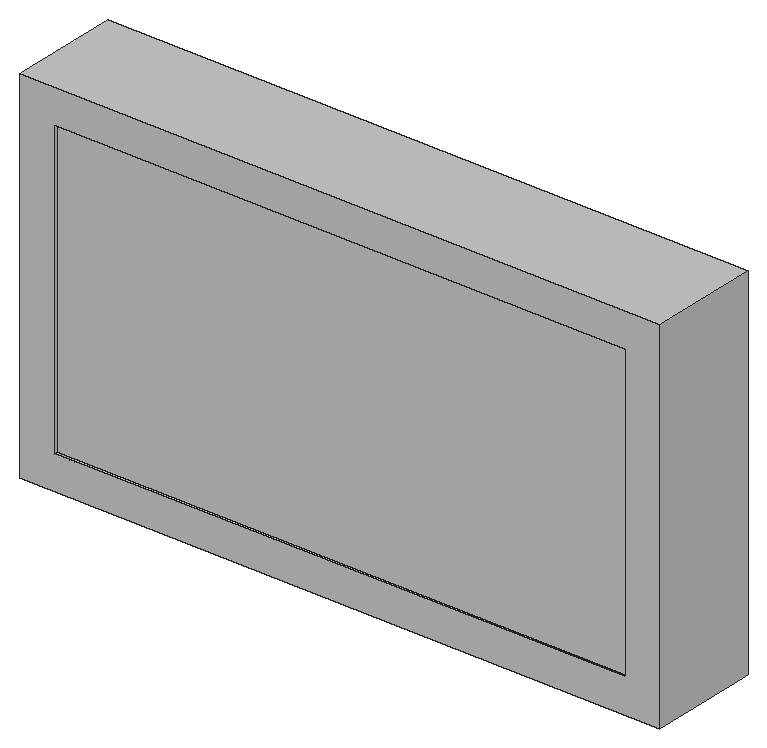
Revit family "T93062A Kubus65 Kombi LED syrefast stål Alog_Tak", category Lighting Fixtures, Revit 2016
Family settings
  Part Type = Normal
  Round Connector Dimension = Use Diameter
  OmniClass Number = 23.80.70.11.21
  OmniClass Title = Emergency Lighting
  Work Plane-Based = No
  Always vertical = Yes
  Cut with Voids When Loaded = No
  Light Source = Yes
  Shared = No
  Room Calculation Point = No
Parameters (values of type "LedeLys")
  Width = 63.5 mm  # constant formula
  Wattage Comments = "17 W"
  Wattage = 9.2903 W
  built-in parameter 1150110 = 1 (stored number, unit not read)
  Voltage = 230 V
  URL = ""
  Type Comments = "-UN"
  built-in parameter 1114217 = 1 (stored number, unit not read)
  Tilt Angle = 90.00°
  built-in parameter 1150109 = 1 (stored number, unit not read)
  built-in parameter 1150134 = 3
  Symbol Positive Direction [instance] = yes
  Symbol Offset Side [instance] = 0 mm
  Symbol Offset Out [instance] = 0 mm
  built-in parameter 1150113 = 1 (stored number, unit not read)
  Reference Line Out [instance] = 50 mm
  Photometric Web File = "20x42A12.ies"
  Number of Poles = 1
  NS8360 = "4432_WT2"
  Markeringslys normal = yes
  Markeringslys ikke normal = no
  MarkeringsLys Venstre = no
  MarkeringsLys Opp = no
  MarkeringsLys Ned = no
  MarkeringsLys Høyre = no
  MarkeringsLys 45 Opp mot venstre = no
  MarkeringsLys 45 Opp mot høyre = no
  MarkeringsLys 45 Ned mot venstre = no
  MarkeringsLys 45 Ned mot høyre = no
  MarkeringsLys = no
  built-in parameter 1150105 = 109.82 (stored number, unit not read)
  Lumens = 1380 lm
  built-in parameter 1150115 = 1 (stored number, unit not read)
  Load Classification [instance] = Other
  Model = ""
  Manufacturer = "Honeywell"
  built-in parameter 1150137 = (empty or 0)
  built-in parameter 1150139 = (empty or 0)
  Length 1 = Length - 40 mm  # 330 mm
  Length = 370 mm  # constant formula
  LedeLys = yes
  built-in parameter 1150112 = 1 (stored number, unit not read)
  built-in parameter 1150114 = 1 (stored number, unit not read)
  Lamp = "1"
  Keynote = "WT2"
  built-in parameter 1150132 = (empty or 0)
  built-in parameter 1150102 = (empty or 0)
  built-in parameter 1150107 = 3200 (stored number, unit not read)
  built-in parameter 1150138 = (empty or 0)
  built-in parameter 1150106 = 1.0982 (stored number, unit not read)
  Height 2 = 0 mm  # constant formula
  Height 1 = Height - 39 mm  # 170 mm
  Height = 209 mm  # constant formula
  Emit from Rectangle Width = Height  # 209 mm
  Emit from Rectangle Length = Length  # 370 mm
  Emit Shape Visible in Rendering = no
  built-in parameter 1150104 = 13.8 (stored number, unit not read)
  Dimming Lamp Color Temperature Shift = <None>
  Description = ""
  Color Filter = 16777215
  Body Material and Colour = Stainless Steel
  built-in parameter 1114218 = 1 (stored number, unit not read)
  built-in parameter 1150133 = 10 (stored number, unit not read)
  Assembly Code = "4432"
  Apparent Load = 17 VA
Types (9, lengths in mm): name | NS8360 | Markeringslys normal | Markeringslys ikke normal | MarkeringsLys Venstre | MarkeringsLys Opp | MarkeringsLys Ned | MarkeringsLys Høyre | MarkeringsLys 45 Opp mot venstre | MarkeringsLys 45 Opp mot høyre | MarkeringsLys 45 Ned mot venstre | MarkeringsLys 45 Ned mot høyre | MarkeringsLys | LedeLys | Assembly Code
  LedeLys | "4432_WT2" | yes | no | no | no | no | no | no | no | no | no | no | yes | "4432"
  MarkeringsLys (Ned) | "4431_WT2" | yes | no | no | no | yes | no | no | no | no | no | yes | no | "4431"
  MarkeringsLys (Opp) | "4431_WT2" | yes | no | no | yes | no | no | no | no | no | no | yes | no | "4431"
  MarkeringsLys (45 Ned mot høyre) | "4431_WT2" | yes | no | no | no | no | no | no | no | no | yes | yes | no | "4431"
  MarkeringsLys (45 Ned mot venstre) | "4431_WT2" | no | yes | no | no | no | no | no | no | yes | no | yes | no | "4431"
  MarkeringsLys (45 Opp mot høyre) | "4431_WT2" | yes | no | no | no | no | no | no | yes | no | no | yes | no | "4431"
  MarkeringsLys (45 Opp mot venstre) | "4431_WT2" | no | yes | no | no | no | no | yes | no | no | no | yes | no | "4431"
  MarkeringsLys (Høyre) | "4431_WT2" | yes | no | no | no | no | yes | no | no | no | no | yes | no | "4431"
  MarkeringsLys (Venstre) | "4431_WT2" | no | yes | yes | no | no | no | no | no | no | no | yes | no | "4431"
Reference planes
  plane 1 "Light Source Axis (F/B)": y = 119.961
  plane 2 "Top": z = 83
  plane 3 "Light Source Axis (L/R)": x = 0
  plane 4 "Level": z = 0
  plane 5: x = -185
  plane 6: x = 185
  plane 7: x = -165
  plane 8: x = 165
  plane 9: z = -104.5
  plane 10: z = 0
  plane 11: z = -209
  plane 12: z = -19.5
  plane 13: z = -189.5
  plane 14: y = 151.711
  plane 15: y = 88.211
  plane 16: y = 90.211
  plane 17: y = 149.711
Forms (mm)
  Extrusion 1, solid, material "Stainless Steel" <- "Body Material and Colour"
    sketch origin (0, 119.961, -31.25) x (1, 0, 0) y (0, 0, 1)
      loop
        line (-185, 31.25) -> (-185, -177.75) -> (185, -177.75) -> (185, 31.25) -> (-185, 31.25)
      loop
        line (-165, 11.75) -> (-165, -158.25) -> (165, -158.25) -> (165, 11.75) -> (-165, 11.75)
    from -31.75 to 31.75
  Extrusion 2, solid, material "Stainless Steel" <- "Body Material and Colour"
    sketch origin (0, 0, 0) x (0, 1, 0) y (0, 0, 1)
      loop
        line (149.711, 0) -> (90.211, 0) -> (90.211, -209) -> (149.711, -209) -> (149.711, 0)
    from -185 to 185
Cuts and joins
  joined: Extrusion 1, Extrusion 2
Lines and regions (mm)
  model lines, style "InvisibleLines"
    curve 1: line (0, 119.961, 0) -> (0, 169.961, 0)
  symbolic lines, style "InvisibleLines"
    curve 2: line (0, 119.961, 0) -> (0, 119.961, 50)
Dimensions and locks
  equal spacing: plane 5, plane 3 "Light Source Axis (L/R)", plane 6
  "Length": plane 5 to plane 6
  equal spacing: plane 7, plane 3 "Light Source Axis (L/R)", plane 8
  "Length 1": plane 7 to plane 8
  "Reference Line Out": plane 1 "Light Source Axis (F/B)" to curve 1
  "Height 2": plane 4 "Level" to plane 10
  "Emit from Rectangle Width": plane 10 to plane 11
  equal spacing: plane 10, plane 9, plane 11
  equal spacing: plane 12, plane 9, plane 13
  "Height 1": plane 12 to plane 13
  equal spacing: plane 14, plane 1 "Light Source Axis (F/B)", plane 15
  "Width": plane 14 to plane 15
  aligned and locked: plane 4 "Level" to level
  aligned and locked: plane 3 "Light Source Axis (L/R)" to nested 2
  aligned and locked: plane 1 "Light Source Axis (F/B)" to nested 2
  aligned and locked: Extrusion 1 sketch curve to plane 6
  aligned and locked: plane 5 to Extrusion 1 sketch curve
  aligned and locked: plane 7 to Extrusion 1 sketch curve
  aligned and locked: Extrusion 1 sketch curve to plane 8
  aligned and locked: plane 9 to imposter light
  aligned and locked: imposter light to plane 3 "Light Source Axis (L/R)"
  aligned and locked: plane 1 "Light Source Axis (F/B)" to curve 1
  aligned and locked: plane 3 "Light Source Axis (L/R)" to curve 1
  aligned and locked: Extrusion 1 to plane 11
  aligned and locked: plane 10 to Extrusion 1
  aligned and locked: nested 1 to plane 3 "Light Source Axis (L/R)"
  aligned and locked: Extrusion 1 to Extrusion 2 sketch curve
  aligned and locked: plane 3 "Light Source Axis (L/R)" to nested 4
  aligned and locked: nested 6 to plane 3 "Light Source Axis (L/R)"
  aligned and locked: nested 6 to plane 9
  aligned and locked: plane 3 "Light Source Axis (L/R)" to nested 5
  aligned and locked: plane 9 to nested 5
  aligned and locked: nested 8 to plane 3 "Light Source Axis (L/R)"
  aligned and locked: nested 8 to plane 9
  aligned and locked: plane 9 to nested 7
  aligned and locked: plane 3 "Light Source Axis (L/R)" to nested 7
  aligned and locked: nested 9 to plane 9
  aligned and locked: nested 9 to plane 3 "Light Source Axis (L/R)"
  aligned and locked: plane 9 to nested 4
  aligned and locked: plane 3 "Light Source Axis (L/R)" to nested 3
  aligned and locked: plane 9 to nested 3
  aligned and locked: plane 9 to nested 10
  aligned and locked: plane 3 "Light Source Axis (L/R)" to nested 10
  aligned and locked: nested 11 to plane 3 "Light Source Axis (L/R)"
  aligned and locked: nested 11 to plane 9
  aligned and locked: plane 9 to nested 12
  aligned and locked: nested 13 to plane 9
  aligned and locked: plane 3 "Light Source Axis (L/R)" to nested 12
  aligned and locked: nested 13 to plane 3 "Light Source Axis (L/R)"
  aligned and locked: nested 15 to plane 9
  aligned and locked: plane 9 to nested 14
  aligned and locked: plane 3 "Light Source Axis (L/R)" to nested 14
  aligned and locked: nested 15 to plane 3 "Light Source Axis (L/R)"
  aligned and locked: plane 3 "Light Source Axis (L/R)" to nested 16
  aligned and locked: nested 17 to plane 3 "Light Source Axis (L/R)"
  aligned and locked: nested 17 to plane 9
  aligned and locked: plane 9 to nested 16
  aligned and locked: plane 14 to cut or joined group of Extrusion 1, Extrusion 2
  aligned and locked: nested 16 to plane 15
  aligned and locked: nested 17 to plane 14
  aligned and locked: Extrusion 1 sketch curve to plane 12
  aligned and locked: Extrusion 1 sketch curve to plane 13
  aligned and locked: cut or joined group of Extrusion 1, Extrusion 2 to plane 15
  aligned and locked: cut or joined group of Extrusion 1, Extrusion 2 to plane 16
  aligned and locked: plane 17 to cut or joined group of Extrusion 1, Extrusion 2
  aligned and locked: imposter light to plane 14
  aligned and locked: nested 11 to plane 14
  aligned and locked: nested 10 to plane 15
  aligned and locked: nested 13 to plane 14
  aligned and locked: nested 12 to plane 15
  aligned and locked: nested 8 to plane 14
  aligned and locked: nested 5 to plane 15
  aligned and locked: nested 15 to plane 14
  aligned and locked: nested 14 to plane 15
  aligned and locked: nested 9 to plane 14
  aligned and locked: nested 7 to plane 15
  aligned and locked: nested 1 to plane 14
  aligned and locked: nested 3 to plane 15
  aligned and locked: nested 6 to plane 14
  aligned and locked: nested 4 to plane 15
  aligned and locked: nested 1 to plane 9
  aligned and locked: plane 3 "Light Source Axis (L/R)" to curve 2
  aligned and locked: plane 4 "Level" to curve 2
  aligned and locked: plane 3 "Light Source Axis (L/R)" to nested 18
  aligned and locked: plane 1 "Light Source Axis (F/B)" to nested 18
Automatic sketch dimensions
  Extrusion 1 sketch curve to plane 11 = 0 mm
  Extrusion 1 sketch curve to plane 10 = 0 mm
  Extrusion 2 sketch curve to plane 11 = 0 mm
  plane 1 "Light Source Axis (F/B)" to Extrusion 2 sketch curve = 29.75 mm
  Extrusion 2 sketch curve to plane 1 "Light Source Axis (F/B)" = 29.75 mm
  plane 2 "Top" to curve 2 = 33 mm
Nested families
  nested 1: "Formula 65_ned" at (0, 149.711, -104.5), type "Formula 65"
  nested 2: "LedelysS" at (0, 119.961, 0), visible <- "LedeLys", type "Type 1"
  nested 3: "Formula 65_ned" at (0, 90.211, -104.5), visible <- "MarkeringsLys Ned", type "Formula 65"
  nested 4: "Formula 65_opp" at (0, 90.211, -104.5), visible <- "MarkeringsLys Opp", type "Formula 65"
  nested 5: "Formula 65_skrått 45 grader ned mot venstre" at (0, 90.211, -104.5), type "Formula 65"
  nested 6: "Formula 65_opp" at (0, 149.711, -104.5), type "Formula 65"
  nested 7: "Formula 65_skrått 45 grader opp mot venstre" at (0, 90.211, -104.5), type "Formula 65"
  nested 8: "Formula 65_skrått 45 grader ned mot venstre" at (0, 149.711, -104.5), type "Formula 65"
  nested 9: "Formula 65_skrått 45 grader opp mot venstre" at (0, 149.711, -104.5), type "Formula 65"
  nested 10: "Formula 65_høyre" at (0, 90.211, -104.5), type "Formula 65"
  nested 11: "Formula 65_høyre" at (0, 149.711, -104.5), type "Formula 65"
  nested 12: "Formula 65_skrått 45 grader ned mot høyre" at (0, 90.211, -104.5), type "Formula 65"
  nested 13: "Formula 65_skrått 45 grader ned mot høyre" at (0, 149.711, -104.5), type "Formula 65"
  nested 14: "Formula 65_skrått 45 grader opp mot høyre" at (0, 90.211, -104.5), type "Formula 65"
  nested 15: "Formula 65_skrått 45 grader opp mot høyre" at (0, 149.711, -104.5), type "Formula 65"
  nested 16: "Formula 65_venstre" at (0, 90.211, -104.5), type "Formula 65"
  nested 17: "Formula 65_venstre" at (0, 149.711, -104.5), type "Formula 65"
  nested 18: "MarkeringslysDobbelS" at (0, 119.961, 0), visible <- "MarkeringsLys", type "Type 1"
Connectors
  electrical at (0, 119.961, 0), driven by "Number of Poles", driven by "Load Classification", driven by "Voltage", driven by "Apparent Load"
    settings: index 1, voltage 230 V, apparent load 0 VA, apparent load phase1 17 VA, apparent load phase2 0 VA, apparent load phase3 0 VA, power factor 1, load classification "Other", number of poles 1, system type 31, power factor state 1, is connector primary yes, connector utility no, sub classification motor no, connector description ""
Definition of nested family "Formula 65_ned"
  Parameters (values of type "Formula 65")
    Ned = no
    L = 205 mm
    H = 135 mm
  Reference planes
    plane 1 "Center (Front/Back)": y = 0
    plane 2: z = 0
    plane 3 "Center (Left/Right)": x = 0
    plane 4: y = -2
  Forms (mm)
    Extrusion 1, solid, visible <- "Ned"
      sketch origin (453.48, 0, -265.275) x (1, 0, 0) y (0, 0, 1)
        loop
          line (-288.48, 350.275) -> (-618.48, 350.275) -> (-618.48, 180.275) -> (-288.48, 180.275) -> (-288.48, 350.275)
        loop
          line (-505.328, 240.087) -> (-505.328, 256.324) -> (-524.271, 237.38) -> (-524.271, 317.525) -> (-540.508, 317.525) -> (-540.508, 237.38) -> (-559.451, 256.324) -> (-559.451, 240.087) -> (-532.389, 213.025) -> (-505.328, 240.087)
        loop
          circle (-416.951, 312.164) r 8.743
        loop
          line (-409.79, 296.785) -> (-414.349, 292.225) -> (-409.237, 283.371) -> (-423.754, 271.19)
          arc (-423.754, 271.19) -> (-424.61, 269.546) -> (-424.052, 267.778) r 2.422
          line (-424.052, 267.778) -> (-421.977, 265.304)
          arc (-421.977, 265.304) -> (-420.333, 264.448) -> (-418.565, 265.006) r 2.422
          line (-418.565, 265.006) -> (-405.139, 276.272) -> (-398.991, 265.623) -> (-413.093, 253.79) -> (-413.093, 215.253)
          arc (-413.093, 215.253) -> (-411.911, 212.399) -> (-409.056, 211.217) r 4.036
          line (-409.056, 211.217) -> (-405.02, 211.217)
          arc (-405.02, 211.217) -> (-402.166, 212.399) -> (-400.984, 215.253) r 4.036
          line (-400.984, 215.253) -> (-400.984, 248.144) -> (-392.843, 254.975) -> (-386.394, 243.805) -> (-344.475, 243.805)
          arc (-344.475, 243.805) -> (-341.621, 244.987) -> (-340.439, 247.841) r 4.036
          line (-340.439, 247.841) -> (-340.439, 251.878)
          arc (-340.439, 251.878) -> (-341.621, 254.732) -> (-344.475, 255.914) r 4.036
          line (-344.475, 255.914) -> (-365.421, 255.914) -> (-385.749, 291.125) -> (-364.745, 287.035) -> (-357.179, 273.93)
          arc (-357.179, 273.93) -> (-355.647, 272.786) -> (-353.763, 273.11) r 2.422
          line (-353.763, 273.11) -> (-350.966, 274.927)
          arc (-350.966, 274.927) -> (-349.916, 276.454) -> (-350.254, 278.277) r 2.422
          line (-350.254, 278.277) -> (-360.781, 294.487) -> (-402.782, 302.665) -> (-409.79, 296.785)
      from 0 to 2
  Dimensions and locks
    aligned and locked: level to plane 2
Definition of nested family "LedelysS"
  Parameters
    CQ Symbol Positive Direction = yes
    CQ Symbol Negative Direction = not(CQ Symbol Positive Direction)  # no
    CQ Symbol Offset Side = 0 mm
    CQ Symbol Offset Out = 0 mm
  Reference planes
    plane 1: y = 0
    plane 2: x = 0
  Dimensions and locks
    "CQ Symbol Offset Out": plane 1 to nested 1
    "CQ Symbol Offset Out": plane 1 to nested 2
    "CQ Symbol Offset Side": plane 2 to nested 2
    "CQ Symbol Offset Side": nested 1 to plane 2
  Nested families
    nested 1: "LedelysSub" at (0, 0, 0), visible <- "CQ Symbol Negative Direction", type "Type 1"
    nested 2: "LedelysSub" at (0, 0, 0), visible <- "CQ Symbol Positive Direction", type "Type 1"
  Definition of nested family "LedelysSub"
    Reference planes
      plane 1: y = 0
      plane 2: x = 0
    Lines and regions (mm)
      detail lines
        curve 1: line (-4, -2, 0) -> (4, -2, 0)
        curve 2: line (4, -2, 0) -> (4, 2, 0)
        curve 3: line (4, 2, 0) -> (-4, 2, 0)
        curve 4: line (-4, 2, 0) -> (-4, -2, 0)
        curve 5: line (-3.097, -1.25, 0) -> (-0.597, 1.25, 0)
        curve 6: line (-3.097, 1.25, 0) -> (-0.597, -1.25, 0)
        curve 7: circle (-1.847, 0, 0) r 1.2 normal (0, 0, 1)
    Text (mm)
      text "LL" at (2.179, 1.025, 0)
Definition of nested family "Formula 65_opp"
  Parameters (values of type "Formula 65")
    Up = no
    L = 205 mm
    H = 135 mm
  Reference planes
    plane 1 "Center (Front/Back)": y = 0
    plane 2: z = 0
    plane 3 "Center (Left/Right)": x = 0
    plane 4: y = -2
  Forms (mm)
    Extrusion 1, solid, visible <- "Up"
      sketch origin (453.48, 0, -265.275) x (1, 0, 0) y (0, 0, 1)
        loop
          line (-288.48, 350.275) -> (-618.48, 350.275) -> (-618.48, 180.275) -> (-288.48, 180.275) -> (-288.48, 350.275)
        loop
          circle (-406.951, 312.164) r 8.743
        loop
          line (-399.79, 296.785) -> (-404.349, 292.225) -> (-399.237, 283.371) -> (-413.754, 271.19)
          arc (-413.754, 271.19) -> (-414.61, 269.546) -> (-414.052, 267.778) r 2.422
          line (-414.052, 267.778) -> (-411.977, 265.304)
          arc (-411.977, 265.304) -> (-410.333, 264.448) -> (-408.565, 265.006) r 2.422
          line (-408.565, 265.006) -> (-395.139, 276.272) -> (-388.991, 265.623) -> (-403.093, 253.79) -> (-403.093, 215.253)
          arc (-403.093, 215.253) -> (-401.911, 212.399) -> (-399.056, 211.217) r 4.036
          line (-399.056, 211.217) -> (-395.02, 211.217)
          arc (-395.02, 211.217) -> (-392.166, 212.399) -> (-390.984, 215.253) r 4.036
          line (-390.984, 215.253) -> (-390.984, 248.144) -> (-382.843, 254.975) -> (-376.394, 243.805) -> (-334.475, 243.805)
          arc (-334.475, 243.805) -> (-331.621, 244.987) -> (-330.439, 247.841) r 4.036
          line (-330.439, 247.841) -> (-330.439, 251.878)
          arc (-330.439, 251.878) -> (-331.621, 254.732) -> (-334.475, 255.914) r 4.036
          line (-334.475, 255.914) -> (-355.421, 255.914) -> (-375.749, 291.125) -> (-354.745, 287.035) -> (-347.179, 273.93)
          arc (-347.179, 273.93) -> (-345.647, 272.786) -> (-343.763, 273.11) r 2.422
          line (-343.763, 273.11) -> (-340.966, 274.927)
          arc (-340.966, 274.927) -> (-339.916, 276.454) -> (-340.254, 278.277) r 2.422
          line (-340.254, 278.277) -> (-350.781, 294.487) -> (-392.782, 302.665) -> (-399.79, 296.785)
        loop
          line (-505.328, 290.463) -> (-532.389, 317.525) -> (-559.451, 290.463) -> (-559.451, 274.226) -> (-540.508, 293.169) -> (-540.508, 213.025) -> (-524.271, 213.025) -> (-524.271, 293.169) -> (-505.328, 274.226) -> (-505.328, 290.463)
      from 0 to 2
  Dimensions and locks
    aligned and locked: level to plane 2
Definition of nested family "Formula 65_skrått 45 grader ned mot venstre"
  Parameters (values of type "Formula 65")
    L = 205 mm
    H = 135 mm
    45 ned mot venstre = no
  Reference planes
    plane 1 "Center (Front/Back)": y = 0
    plane 2: z = 0
    plane 3 "Center (Left/Right)": x = 0
    plane 4: y = -2
  Forms (mm)
    Extrusion 1, solid, visible <- "45 ned mot venstre"
      sketch origin (453.48, 0, -265.275) x (1, 0, 0) y (0, 0, 1)
        loop
          line (-288.48, 350.275) -> (-618.48, 350.275) -> (-618.48, 180.275) -> (-288.48, 180.275) -> (-288.48, 350.275)
        loop
          circle (-416.951, 312.164) r 8.743
        loop
          line (-409.79, 296.785) -> (-414.349, 292.225) -> (-409.237, 283.371) -> (-423.754, 271.19)
          arc (-423.754, 271.19) -> (-424.61, 269.546) -> (-424.052, 267.778) r 2.422
          line (-424.052, 267.778) -> (-421.977, 265.304)
          arc (-421.977, 265.304) -> (-420.333, 264.448) -> (-418.565, 265.006) r 2.422
          line (-418.565, 265.006) -> (-405.139, 276.272) -> (-398.991, 265.623) -> (-413.093, 253.79) -> (-413.093, 215.253)
          arc (-413.093, 215.253) -> (-411.911, 212.399) -> (-409.056, 211.217) r 4.036
          line (-409.056, 211.217) -> (-405.02, 211.217)
          arc (-405.02, 211.217) -> (-402.166, 212.399) -> (-400.984, 215.253) r 4.036
          line (-400.984, 215.253) -> (-400.984, 248.144) -> (-392.843, 254.975) -> (-386.394, 243.805) -> (-344.475, 243.805)
          arc (-344.475, 243.805) -> (-341.621, 244.987) -> (-340.439, 247.841) r 4.036
          line (-340.439, 247.841) -> (-340.439, 251.878)
          arc (-340.439, 251.878) -> (-341.621, 254.732) -> (-344.475, 255.914) r 4.036
          line (-344.475, 255.914) -> (-365.421, 255.914) -> (-385.749, 291.125) -> (-364.745, 287.035) -> (-357.179, 273.93)
          arc (-357.179, 273.93) -> (-355.647, 272.786) -> (-353.763, 273.11) r 2.422
          line (-353.763, 273.11) -> (-350.966, 274.927)
          arc (-350.966, 274.927) -> (-349.916, 276.454) -> (-350.254, 278.277) r 2.422
          line (-350.254, 278.277) -> (-360.781, 294.487) -> (-402.782, 302.665) -> (-409.79, 296.785)
        loop
          line (-588.076, 266.6) -> (-588.076, 228.328) -> (-549.805, 228.328) -> (-538.323, 239.81) -> (-565.113, 239.81) -> (-508.443, 296.48) -> (-519.924, 307.962) -> (-576.595, 251.291) -> (-576.595, 278.081) -> (-588.076, 266.6)
      from 0 to 2
  Dimensions and locks
    aligned and locked: level to plane 2
Definition of nested family "Formula 65_skrått 45 grader opp mot venstre"
  Parameters (values of type "Formula 65")
    L = 205 mm
    H = 135 mm
    45 opp mot venstre = no
  Reference planes
    plane 1 "Center (Front/Back)": y = 0
    plane 2: z = 0
    plane 3 "Center (Left/Right)": x = 0
    plane 4: y = -2
  Forms (mm)
    Extrusion 1, solid, visible <- "45 opp mot venstre"
      sketch origin (453.48, 0, -265.275) x (1, 0, 0) y (0, 0, 1)
        loop
          line (-288.48, 350.275) -> (-618.48, 350.275) -> (-618.48, 180.275) -> (-288.48, 180.275) -> (-288.48, 350.275)
        loop
          circle (-420.272, 307.901) r 7.948
        loop
          line (-413.762, 293.92) -> (-417.907, 289.775) -> (-413.259, 281.726) -> (-426.456, 270.652)
          arc (-426.456, 270.652) -> (-427.234, 269.157) -> (-426.728, 267.55) r 2.202
          line (-426.728, 267.55) -> (-424.841, 265.302)
          arc (-424.841, 265.302) -> (-423.346, 264.524) -> (-421.739, 265.03) r 2.202
          line (-421.739, 265.03) -> (-409.533, 275.272) -> (-403.944, 265.592) -> (-416.764, 254.834) -> (-416.764, 219.801)
          arc (-416.764, 219.801) -> (-415.69, 217.206) -> (-413.095, 216.131) r 3.669
          line (-413.095, 216.131) -> (-409.425, 216.131)
          arc (-409.425, 216.131) -> (-406.831, 217.206) -> (-405.756, 219.801) r 3.669
          line (-405.756, 219.801) -> (-405.756, 249.701) -> (-398.355, 255.911) -> (-392.493, 245.757) -> (-354.384, 245.757)
          arc (-354.384, 245.757) -> (-351.79, 246.832) -> (-350.715, 249.426) r 3.669
          line (-350.715, 249.426) -> (-350.715, 253.096)
          arc (-350.715, 253.096) -> (-351.79, 255.69) -> (-354.384, 256.765) r 3.669
          line (-354.384, 256.765) -> (-373.426, 256.765) -> (-391.907, 288.775) -> (-372.812, 285.056) -> (-365.934, 273.144)
          arc (-365.934, 273.144) -> (-364.541, 272.104) -> (-362.828, 272.398) r 2.202
          line (-362.828, 272.398) -> (-360.285, 274.049)
          arc (-360.285, 274.049) -> (-359.331, 275.438) -> (-359.638, 277.095) r 2.202
          line (-359.638, 277.095) -> (-369.208, 291.831) -> (-407.391, 299.266) -> (-413.762, 293.92)
        loop
          line (-575.84, 264.07) -> (-565.402, 253.633) -> (-565.402, 277.987) -> (-513.883, 226.468) -> (-503.446, 236.906) -> (-554.965, 288.425) -> (-530.61, 288.425) -> (-541.048, 298.862) -> (-575.84, 298.862) -> (-575.84, 264.07)
      from 0 to 2
  Dimensions and locks
    aligned and locked: level to plane 2
Definition of nested family "Formula 65_høyre"
  Parameters (values of type "Formula 65")
    L = 205 mm
    Høyre = no
    H = 135 mm
  Reference planes
    plane 1 "Center (Front/Back)": y = 0
    plane 2: z = 0
    plane 3 "Center (Left/Right)": x = 0
    plane 4: y = -2
  Forms (mm)
    Extrusion 1, solid, visible <- "Høyre"
      sketch origin (453.48, 0, -265.275) x (1, 0, 0) y (0, 0, 1)
        loop
          line (-288.48, 350.275) -> (-618.48, 350.275) -> (-618.48, 180.275) -> (-288.48, 180.275) -> (-288.48, 350.275)
        loop
          circle (-490.008, 312.164) r 8.743
        loop
          line (-497.169, 296.785) -> (-504.177, 302.665) -> (-546.178, 294.487) -> (-556.705, 278.277)
          arc (-556.705, 278.277) -> (-557.043, 276.454) -> (-555.993, 274.927) r 2.422
          line (-555.993, 274.927) -> (-553.196, 273.11)
          arc (-553.196, 273.11) -> (-551.312, 272.786) -> (-549.78, 273.93) r 2.422
          line (-549.78, 273.93) -> (-542.214, 287.035) -> (-521.21, 291.125) -> (-541.539, 255.914) -> (-562.484, 255.914)
          arc (-562.484, 255.914) -> (-565.338, 254.732) -> (-566.52, 251.878) r 4.036
          line (-566.52, 251.878) -> (-566.52, 247.841)
          arc (-566.52, 247.841) -> (-565.338, 244.987) -> (-562.484, 243.805) r 4.036
          line (-562.484, 243.805) -> (-520.565, 243.805) -> (-514.116, 254.975) -> (-505.975, 248.144) -> (-505.975, 215.253)
          arc (-505.975, 215.253) -> (-504.793, 212.399) -> (-501.939, 211.217) r 4.036
          line (-501.939, 211.217) -> (-497.903, 211.217)
          arc (-497.903, 211.217) -> (-495.049, 212.399) -> (-493.866, 215.253) r 4.036
          line (-493.866, 215.253) -> (-493.866, 253.79) -> (-507.968, 265.623) -> (-501.82, 276.272) -> (-488.394, 265.006)
          arc (-488.394, 265.006) -> (-486.627, 264.448) -> (-484.982, 265.304) r 2.422
          line (-484.982, 265.304) -> (-482.907, 267.778)
          arc (-482.907, 267.778) -> (-482.349, 269.546) -> (-483.205, 271.19) r 2.422
          line (-483.205, 271.19) -> (-497.722, 283.371) -> (-492.61, 292.225) -> (-497.169, 296.785)
        loop
          line (-343.016, 292.337) -> (-359.253, 292.337) -> (-340.31, 273.393) -> (-420.455, 273.393) -> (-420.455, 257.156) -> (-340.31, 257.156) -> (-359.253, 238.213) -> (-343.016, 238.213) -> (-315.955, 265.275) -> (-343.016, 292.337)
      from 0 to 2
  Dimensions and locks
    aligned and locked: level to plane 2
Definition of nested family "Formula 65_skrått 45 grader ned mot høyre"
  Parameters (values of type "Formula 65")
    L = 205 mm
    H = 135 mm
    45 ned mot høyre = no
  Reference planes
    plane 1 "Center (Front/Back)": y = 0
    plane 2: z = 0
    plane 3 "Center (Left/Right)": x = 0
    plane 4: y = -2
  Forms (mm)
    Extrusion 1, solid, visible <- "45 ned mot høyre"
      sketch origin (453.48, 0, -265.275) x (1, 0, 0) y (0, 0, 1)
        loop
          line (-288.48, 350.275) -> (-618.48, 350.275) -> (-618.48, 180.275) -> (-288.48, 180.275) -> (-288.48, 350.275)
        loop
          circle (-490.008, 312.164) r 8.743
        loop
          line (-497.169, 296.785) -> (-504.177, 302.665) -> (-546.178, 294.487) -> (-556.705, 278.277)
          arc (-556.705, 278.277) -> (-557.043, 276.454) -> (-555.993, 274.927) r 2.422
          line (-555.993, 274.927) -> (-553.196, 273.11)
          arc (-553.196, 273.11) -> (-551.312, 272.786) -> (-549.78, 273.93) r 2.422
          line (-549.78, 273.93) -> (-542.214, 287.035) -> (-521.21, 291.125) -> (-541.539, 255.914) -> (-562.484, 255.914)
          arc (-562.484, 255.914) -> (-565.338, 254.732) -> (-566.52, 251.878) r 4.036
          line (-566.52, 251.878) -> (-566.52, 247.841)
          arc (-566.52, 247.841) -> (-565.338, 244.987) -> (-562.484, 243.805) r 4.036
          line (-562.484, 243.805) -> (-520.565, 243.805) -> (-514.116, 254.975) -> (-505.975, 248.144) -> (-505.975, 215.253)
          arc (-505.975, 215.253) -> (-504.793, 212.399) -> (-501.939, 211.217) r 4.036
          line (-501.939, 211.217) -> (-497.903, 211.217)
          arc (-497.903, 211.217) -> (-495.049, 212.399) -> (-493.866, 215.253) r 4.036
          line (-493.866, 215.253) -> (-493.866, 253.79) -> (-507.968, 265.623) -> (-501.82, 276.272) -> (-488.394, 265.006)
          arc (-488.394, 265.006) -> (-486.627, 264.448) -> (-484.982, 265.304) r 2.422
          line (-484.982, 265.304) -> (-482.907, 267.778)
          arc (-482.907, 267.778) -> (-482.349, 269.546) -> (-483.205, 271.19) r 2.422
          line (-483.205, 271.19) -> (-497.722, 283.371) -> (-492.61, 292.225) -> (-497.169, 296.785)
        loop
          line (-324.383, 266.6) -> (-335.865, 278.081) -> (-335.865, 251.291) -> (-392.535, 307.962) -> (-404.017, 296.48) -> (-347.346, 239.81) -> (-374.136, 239.81) -> (-362.654, 228.328) -> (-324.383, 228.328) -> (-324.383, 266.6)
      from 0 to 2
  Dimensions and locks
    aligned and locked: level to plane 2
Definition of nested family "Formula 65_skrått 45 grader opp mot høyre"
  Parameters (values of type "Formula 65")
    L = 205 mm
    H = 135 mm
    45 grader opp mot høyre = no
  Reference planes
    plane 1 "Center (Front/Back)": y = 0
    plane 2: z = 0
    plane 3 "Center (Left/Right)": x = 0
    plane 4: y = -2
  Forms (mm)
    Extrusion 1, solid, visible <- "45 grader opp mot høyre"
      sketch origin (453.48, 0, -265.275) x (1, 0, 0) y (0, 0, 1)
        loop
          line (-288.48, 350.275) -> (-618.48, 350.275) -> (-618.48, 180.275) -> (-288.48, 180.275) -> (-288.48, 350.275)
        loop
          circle (-505.008, 312.164) r 8.743
        loop
          line (-512.169, 296.785) -> (-519.177, 302.665) -> (-561.178, 294.487) -> (-571.705, 278.277)
          arc (-571.705, 278.277) -> (-572.043, 276.454) -> (-570.993, 274.927) r 2.422
          line (-570.993, 274.927) -> (-568.196, 273.11)
          arc (-568.196, 273.11) -> (-566.312, 272.786) -> (-564.78, 273.93) r 2.422
          line (-564.78, 273.93) -> (-557.214, 287.035) -> (-536.21, 291.125) -> (-556.539, 255.914) -> (-577.484, 255.914)
          arc (-577.484, 255.914) -> (-580.338, 254.732) -> (-581.52, 251.878) r 4.036
          line (-581.52, 251.878) -> (-581.52, 247.841)
          arc (-581.52, 247.841) -> (-580.338, 244.987) -> (-577.484, 243.805) r 4.036
          line (-577.484, 243.805) -> (-535.565, 243.805) -> (-529.116, 254.975) -> (-520.975, 248.144) -> (-520.975, 215.253)
          arc (-520.975, 215.253) -> (-519.793, 212.399) -> (-516.939, 211.217) r 4.036
          line (-516.939, 211.217) -> (-512.903, 211.217)
          arc (-512.903, 211.217) -> (-510.049, 212.399) -> (-508.866, 215.253) r 4.036
          line (-508.866, 215.253) -> (-508.866, 253.79) -> (-522.968, 265.623) -> (-516.82, 276.272) -> (-503.394, 265.006)
          arc (-503.394, 265.006) -> (-501.627, 264.448) -> (-499.982, 265.304) r 2.422
          line (-499.982, 265.304) -> (-497.907, 267.778)
          arc (-497.907, 267.778) -> (-497.349, 269.546) -> (-498.205, 271.19) r 2.422
          line (-498.205, 271.19) -> (-512.722, 283.371) -> (-507.61, 292.225) -> (-512.169, 296.785)
        loop
          line (-324.383, 263.95) -> (-324.383, 302.221) -> (-362.654, 302.221) -> (-374.136, 290.74) -> (-347.346, 290.74) -> (-404.017, 234.069) -> (-392.535, 222.588) -> (-335.865, 279.258) -> (-335.865, 252.469) -> (-324.383, 263.95)
      from 0 to 2
  Dimensions and locks
    aligned and locked: level to plane 2
Definition of nested family "Formula 65_venstre"
  Parameters (values of type "Formula 65")
    Venstre = yes
    L = 205 mm
    H = 135 mm
  Reference planes
    plane 1 "Center (Front/Back)": y = 0
    plane 2: z = 0
    plane 3 "Center (Left/Right)": x = 0
    plane 4: y = -2
  Forms (mm)
    Extrusion 1, solid, visible <- "Venstre"
      sketch origin (453.48, 0, -265.275) x (1, 0, 0) y (0, 0, 1)
        loop
          line (-288.48, 350.275) -> (-618.48, 350.275) -> (-618.48, 180.275) -> (-288.48, 180.275) -> (-288.48, 350.275)
        loop
          circle (-401.951, 312.164) r 8.743
        loop
          line (-394.79, 296.785) -> (-399.349, 292.225) -> (-394.237, 283.371) -> (-408.754, 271.19)
          arc (-408.754, 271.19) -> (-409.61, 269.546) -> (-409.052, 267.778) r 2.422
          line (-409.052, 267.778) -> (-406.977, 265.304)
          arc (-406.977, 265.304) -> (-405.333, 264.448) -> (-403.565, 265.006) r 2.422
          line (-403.565, 265.006) -> (-390.139, 276.272) -> (-383.991, 265.623) -> (-398.093, 253.79) -> (-398.093, 215.253)
          arc (-398.093, 215.253) -> (-396.911, 212.399) -> (-394.056, 211.217) r 4.036
          line (-394.056, 211.217) -> (-390.02, 211.217)
          arc (-390.02, 211.217) -> (-387.166, 212.399) -> (-385.984, 215.253) r 4.036
          line (-385.984, 215.253) -> (-385.984, 248.144) -> (-377.843, 254.975) -> (-371.394, 243.805) -> (-329.475, 243.805)
          arc (-329.475, 243.805) -> (-326.621, 244.987) -> (-325.439, 247.841) r 4.036
          line (-325.439, 247.841) -> (-325.439, 251.878)
          arc (-325.439, 251.878) -> (-326.621, 254.732) -> (-329.475, 255.914) r 4.036
          line (-329.475, 255.914) -> (-350.421, 255.914) -> (-370.749, 291.125) -> (-349.745, 287.035) -> (-342.179, 273.93)
          arc (-342.179, 273.93) -> (-340.647, 272.786) -> (-338.763, 273.11) r 2.422
          line (-338.763, 273.11) -> (-335.966, 274.927)
          arc (-335.966, 274.927) -> (-334.916, 276.454) -> (-335.254, 278.277) r 2.422
          line (-335.254, 278.277) -> (-345.781, 294.487) -> (-387.782, 302.665) -> (-394.79, 296.785)
        loop
          line (-563.943, 292.337) -> (-591.005, 265.275) -> (-563.943, 238.213) -> (-547.706, 238.213) -> (-566.649, 257.156) -> (-486.505, 257.156) -> (-486.505, 273.393) -> (-566.649, 273.393) -> (-547.706, 292.337) -> (-563.943, 292.337)
      from 0 to 2
  Dimensions and locks
    aligned and locked: level to plane 2
Definition of nested family "MarkeringslysDobbelS"
  Parameters (values of type "Type 1")
    Venstre opp 45 = no
    Venstre ned 45 = no
    Venstre = no
    Opp = yes
    Normal = yes
    Ned = no
    Ikke normal = no
    Høyre opp 45 = no
    Høyre ned 45 = no
    Høyre = no
    CQ Symbol Positive Direction = yes
    CQ Symbol Negative Direction = not(CQ Symbol Positive Direction)  # no
    CQ Symbol Offset Side = 0 mm
    CQ Symbol Offset Out = 0 mm
  Reference planes
    plane 1: y = 0
    plane 2: x = 0
  Dimensions and locks
    "CQ Symbol Offset Out": plane 1 to nested 1
    "CQ Symbol Offset Out": plane 1 to nested 2
    "CQ Symbol Offset Side": plane 2 to nested 2
    "CQ Symbol Offset Side": nested 1 to plane 2
  Nested families
    nested 1: "Markeringslys dobbel" at (0, 0, 0), visible <- "CQ Symbol Negative Direction", type "Type 1"
    nested 2: "Markeringslys dobbel" at (0, 0, 0), visible <- "CQ Symbol Positive Direction", type "Type 1"
  Definition of nested family "Markeringslys dobbel"
    Parameters (values of type "Type 1")
      Venstre opp 45 = no
      Venstre ned 45 = no
      Venstre = no
      Opp = yes
      Normal = yes
      Ned = no
      Ikke normal = no
      Høyre opp 45 = no
      Høyre ned 45 = no
      Høyre = no
    Reference planes
      plane 1: y = 0
      plane 2: x = 0
    Lines and regions (mm)
      detail lines
        curve 1: line (4, -4, 0) -> (-4, -4, 0)
        curve 2: line (-4, -4, 0) -> (-4, 0, 0)
        curve 3: line (-4, 0, 0) -> (4, 0, 0)
        curve 4: line (4, 0, 0) -> (4, -4, 0)
        curve 45: line (-4, 4, 0) -> (4, 4, 0)
        curve 46: line (4, 4, 0) -> (4, 0, 0)
        curve 47: line (4, 0, 0) -> (-4, 0, 0)
        curve 48: line (-4, 0, 0) -> (-4, 4, 0)
        curve 58: circle (1.212, 0.614, 0) r 0.3 normal (0, 0, -1)
      detail lines, visible <- "Ned"
        curve 5: line (2.346, -0.5, 0) -> (1.646, -0.5, 0)
        curve 6: line (2.346, -0.5, 0) -> (2.346, -2.584, 0)
        curve 7: line (1.646, -0.5, 0) -> (1.646, -2.584, 0)
        curve 8: line (1.996, -3.5, 0) -> (2.996, -2.5, 0)
        curve 9: line (2.996, -2.5, 0) -> (2.996, -1.934, 0)
        curve 10: line (2.996, -1.934, 0) -> (2.346, -2.584, 0)
        curve 11: line (1.996, -3.5, 0) -> (0.996, -2.5, 0)
        curve 12: line (0.996, -2.5, 0) -> (0.996, -1.934, 0)
        curve 13: line (0.996, -1.934, 0) -> (1.646, -2.584, 0)
        curve 49: line (-2.346, 0.5, 0) -> (-1.646, 0.5, 0)
        curve 50: line (-2.346, 0.5, 0) -> (-2.346, 2.584, 0)
        curve 51: line (-1.646, 0.5, 0) -> (-1.646, 2.584, 0)
        curve 52: line (-1.996, 3.5, 0) -> (-2.996, 2.5, 0)
        curve 53: line (-2.996, 2.5, 0) -> (-2.996, 1.934, 0)
        curve 54: line (-2.996, 1.934, 0) -> (-2.346, 2.584, 0)
        curve 55: line (-1.996, 3.5, 0) -> (-0.996, 2.5, 0)
        curve 56: line (-0.996, 2.5, 0) -> (-0.996, 1.934, 0)
        curve 57: line (-0.996, 1.934, 0) -> (-1.646, 2.584, 0)
      detail lines, visible <- "Normal"
        curve 14: circle (-1.212, -0.614, 0) r 0.3 normal (0, 0, -1)
        curve 15: line (-0.986, -3.7, 0) -> (-1.395, -3.7, 0)
        curve 16: line (-0.986, -3.7, 0) -> (-1.823, -2.308, 0)
        curve 17: line (-1.823, -2.308, 0) -> (-1.461, -1.495, 0)
        curve 18: line (-1.069, -2.147, 0) -> (-1.461, -1.495, 0)
        curve 19: line (-1.069, -2.147, 0) -> (-0.487, -2.147, 0)
        curve 20: line (-0.487, -2.147, 0) -> (-0.487, -1.847, 0)
        curve 21: line (-0.487, -1.847, 0) -> (-0.899, -1.847, 0)
        curve 22: line (-0.899, -1.847, 0) -> (-1.307, -1.169, 0)
        curve 23: line (-1.395, -3.7, 0) -> (-2.104, -2.518, 0)
        curve 24: line (-1.307, -1.169, 0) -> (-1.753, -0.97, 0)
        curve 25: line (-1.753, -0.97, 0) -> (-2.625, -0.97, 0)
        curve 26: line (-2.625, -0.97, 0) -> (-2.99, -1.627, 0)
        curve 27: line (-2.99, -1.627, 0) -> (-2.769, -1.848, 0)
        curve 28: line (-2.769, -1.848, 0) -> (-2.457, -1.285, 0)
        curve 29: line (-2.104, -2.518, 0) -> (-2.259, -3.229, 0)
        curve 30: line (-2.259, -3.229, 0) -> (-3.557, -3.229, 0)
        curve 31: line (-3.557, -3.229, 0) -> (-3.457, -2.879, 0)
        curve 32: line (-3.457, -2.879, 0) -> (-2.541, -2.879, 0)
        curve 33: line (-2.541, -2.879, 0) -> (-2.4, -2.23, 0)
        curve 34: line (-2.4, -2.23, 0) -> (-2.021, -1.38, 0)
        curve 35: line (-2.021, -1.38, 0) -> (-2.457, -1.285, 0)
        curve 59: line (0.986, 3.7, 0) -> (1.395, 3.7, 0)
        curve 60: line (0.986, 3.7, 0) -> (1.823, 2.308, 0)
        curve 61: line (1.823, 2.308, 0) -> (1.461, 1.495, 0)
        curve 62: line (1.069, 2.147, 0) -> (1.461, 1.495, 0)
        curve 63: line (1.069, 2.147, 0) -> (0.487, 2.147, 0)
        curve 64: line (0.487, 2.147, 0) -> (0.487, 1.847, 0)
        curve 65: line (0.487, 1.847, 0) -> (0.899, 1.847, 0)
        curve 66: line (0.899, 1.847, 0) -> (1.307, 1.169, 0)
        curve 67: line (1.395, 3.7, 0) -> (2.104, 2.518, 0)
        curve 68: line (1.307, 1.169, 0) -> (1.753, 0.97, 0)
        curve 69: line (1.753, 0.97, 0) -> (2.625, 0.97, 0)
        curve 70: line (2.625, 0.97, 0) -> (2.99, 1.627, 0)
        curve 71: line (2.99, 1.627, 0) -> (2.769, 1.848, 0)
        curve 72: line (2.769, 1.848, 0) -> (2.457, 1.285, 0)
        curve 73: line (2.104, 2.518, 0) -> (2.259, 3.229, 0)
        curve 74: line (2.259, 3.229, 0) -> (3.557, 3.229, 0)
        curve 75: line (3.557, 3.229, 0) -> (3.457, 2.879, 0)
        curve 76: line (3.457, 2.879, 0) -> (2.541, 2.879, 0)
        curve 77: line (2.541, 2.879, 0) -> (2.4, 2.23, 0)
        curve 78: line (2.4, 2.23, 0) -> (2.021, 1.38, 0)
        curve 79: line (2.021, 1.38, 0) -> (2.457, 1.285, 0)
      detail lines, visible <- "Opp"
        curve 36: line (1.646, -3.5, 0) -> (2.346, -3.5, 0)
        curve 37: line (1.646, -3.5, 0) -> (1.646, -1.416, 0)
        curve 38: line (2.346, -3.5, 0) -> (2.346, -1.416, 0)
        curve 39: line (1.996, -0.5, 0) -> (0.996, -1.5, 0)
        curve 40: line (0.996, -1.5, 0) -> (0.996, -2.066, 0)
        curve 41: line (0.996, -2.066, 0) -> (1.646, -1.416, 0)
        curve 42: line (1.996, -0.5, 0) -> (2.996, -1.5, 0)
        curve 43: line (2.996, -1.5, 0) -> (2.996, -2.066, 0)
        curve 44: line (2.996, -2.066, 0) -> (2.346, -1.416, 0)
        curve 80: line (-1.646, 3.5, 0) -> (-2.346, 3.5, 0)
        curve 81: line (-1.646, 3.5, 0) -> (-1.646, 1.416, 0)
        curve 82: line (-2.346, 3.5, 0) -> (-2.346, 1.416, 0)
        curve 83: line (-1.996, 0.5, 0) -> (-0.996, 1.5, 0)
        curve 84: line (-0.996, 1.5, 0) -> (-0.996, 2.066, 0)
        curve 85: line (-0.996, 2.066, 0) -> (-1.646, 1.416, 0)
        curve 86: line (-1.996, 0.5, 0) -> (-2.996, 1.5, 0)
        curve 87: line (-2.996, 1.5, 0) -> (-2.996, 2.066, 0)
        curve 88: line (-2.996, 2.066, 0) -> (-2.346, 1.416, 0)
      detail lines, visible <- "Høyre"
        curve 89: line (0.496, -1.65, 0) -> (0.496, -2.35, 0)
        curve 90: line (0.496, -1.65, 0) -> (2.58, -1.65, 0)
        curve 91: line (0.496, -2.35, 0) -> (2.58, -2.35, 0)
        curve 92: line (3.496, -2, 0) -> (2.496, -1, 0)
        curve 93: line (2.496, -1, 0) -> (1.93, -1, 0)
        curve 94: line (1.93, -1, 0) -> (2.58, -1.65, 0)
        curve 95: line (3.496, -2, 0) -> (2.496, -3, 0)
        curve 96: line (2.496, -3, 0) -> (1.93, -3, 0)
        curve 97: line (1.93, -3, 0) -> (2.58, -2.35, 0)
        curve 100: line (-0.496, 1.65, 0) -> (-0.496, 2.35, 0)
        curve 101: line (-0.496, 1.65, 0) -> (-2.58, 1.65, 0)
        curve 102: line (-0.496, 2.35, 0) -> (-2.58, 2.35, 0)
        curve 103: line (-3.496, 2, 0) -> (-2.466, 0.97, 0)
        curve 104: line (-2.496, 1, 0) -> (-1.93, 1, 0)
        curve 105: line (-1.93, 1, 0) -> (-2.58, 1.65, 0)
        curve 106: line (-3.496, 2, 0) -> (-2.496, 3, 0)
        curve 107: line (-2.496, 3, 0) -> (-1.93, 3, 0)
        curve 108: line (-1.93, 3, 0) -> (-2.58, 2.35, 0)
      detail lines, visible <- "Venstre"
        curve 98: line (-1.496, 1, 0) -> (-2.062, 1, 0)
        curve 99: line (-2.062, 1, 0) -> (-1.412, 1.65, 0)
        curve 131: line (-0.409, -1.65, 0) -> (-0.409, -2.35, 0)
        curve 132: line (-0.409, -1.65, 0) -> (-2.493, -1.65, 0)
        curve 133: line (-0.409, -2.35, 0) -> (-2.493, -2.35, 0)
        curve 134: line (-3.409, -2, 0) -> (-2.409, -1, 0)
        curve 135: line (-2.409, -1, 0) -> (-1.843, -1, 0)
        curve 136: line (-1.843, -1, 0) -> (-2.493, -1.65, 0)
        curve 137: line (-3.409, -2, 0) -> (-2.409, -3, 0)
        curve 138: line (-2.409, -3, 0) -> (-1.843, -3, 0)
        curve 139: line (-1.843, -3, 0) -> (-2.493, -2.35, 0)
        curve 162: line (0.409, 1.65, 0) -> (0.409, 2.35, 0)
        curve 163: line (0.409, 1.65, 0) -> (2.493, 1.65, 0)
        curve 164: line (0.409, 2.35, 0) -> (2.493, 2.35, 0)
        curve 165: line (3.409, 2, 0) -> (2.409, 1, 0)
        curve 166: line (2.409, 1, 0) -> (1.843, 1, 0)
        curve 167: line (1.843, 1, 0) -> (2.493, 1.65, 0)
        curve 168: line (3.409, 2, 0) -> (2.409, 3, 0)
        curve 169: line (2.409, 3, 0) -> (1.843, 3, 0)
        curve 170: line (1.843, 3, 0) -> (2.493, 2.35, 0)
      detail lines, visible <- "Ikke normal"
        curve 109: circle (1.299, -0.614, 0) r 0.3 normal (0, 0, 1)
        curve 110: line (1.073, -3.7, 0) -> (1.482, -3.7, 0)
        curve 111: line (1.073, -3.7, 0) -> (1.91, -2.308, 0)
        curve 112: line (1.91, -2.308, 0) -> (1.548, -1.495, 0)
        curve 113: line (1.156, -2.147, 0) -> (1.548, -1.495, 0)
        curve 114: line (1.156, -2.147, 0) -> (0.574, -2.147, 0)
        curve 115: line (0.574, -2.147, 0) -> (0.574, -1.847, 0)
        curve 116: line (0.574, -1.847, 0) -> (0.986, -1.847, 0)
        curve 117: line (0.986, -1.847, 0) -> (1.394, -1.169, 0)
        curve 118: line (1.482, -3.7, 0) -> (2.192, -2.518, 0)
        curve 119: line (1.394, -1.169, 0) -> (1.84, -0.97, 0)
        curve 120: line (1.84, -0.97, 0) -> (2.713, -0.97, 0)
        curve 121: line (2.713, -0.97, 0) -> (3.077, -1.627, 0)
        curve 122: line (3.077, -1.627, 0) -> (2.856, -1.848, 0)
        curve 123: line (2.856, -1.848, 0) -> (2.544, -1.285, 0)
        curve 124: line (2.192, -2.518, 0) -> (2.346, -3.229, 0)
        curve 125: line (2.346, -3.229, 0) -> (3.644, -3.229, 0)
        curve 126: line (3.644, -3.229, 0) -> (3.544, -2.879, 0)
        curve 127: line (3.544, -2.879, 0) -> (2.628, -2.879, 0)
        curve 128: line (2.628, -2.879, 0) -> (2.487, -2.23, 0)
        curve 129: line (2.487, -2.23, 0) -> (2.108, -1.38, 0)
        curve 130: line (2.108, -1.38, 0) -> (2.544, -1.285, 0)
        curve 140: circle (-1.299, 0.614, 0) r 0.3 normal (0, 0, 1)
        curve 141: line (-1.073, 3.7, 0) -> (-1.482, 3.7, 0)
        curve 142: line (-1.073, 3.7, 0) -> (-1.91, 2.308, 0)
        curve 143: line (-1.91, 2.308, 0) -> (-1.548, 1.495, 0)
        curve 144: line (-1.156, 2.147, 0) -> (-1.548, 1.495, 0)
        curve 145: line (-1.156, 2.147, 0) -> (-0.574, 2.147, 0)
        curve 146: line (-0.574, 2.147, 0) -> (-0.574, 1.847, 0)
        curve 147: line (-0.574, 1.847, 0) -> (-0.986, 1.847, 0)
        curve 148: line (-0.986, 1.847, 0) -> (-1.394, 1.169, 0)
        curve 149: line (-1.482, 3.7, 0) -> (-2.192, 2.518, 0)
        curve 150: line (-1.394, 1.169, 0) -> (-1.84, 0.97, 0)
        curve 151: line (-1.84, 0.97, 0) -> (-2.713, 0.97, 0)
        curve 152: line (-2.713, 0.97, 0) -> (-3.077, 1.627, 0)
        curve 153: line (-3.077, 1.627, 0) -> (-2.856, 1.848, 0)
        curve 154: line (-2.856, 1.848, 0) -> (-2.544, 1.285, 0)
        curve 155: line (-2.192, 2.518, 0) -> (-2.346, 3.229, 0)
        curve 156: line (-2.346, 3.229, 0) -> (-3.644, 3.229, 0)
        curve 157: line (-3.644, 3.229, 0) -> (-3.544, 2.879, 0)
        curve 158: line (-3.544, 2.879, 0) -> (-2.628, 2.879, 0)
        curve 159: line (-2.628, 2.879, 0) -> (-2.487, 2.23, 0)
        curve 160: line (-2.487, 2.23, 0) -> (-2.108, 1.38, 0)
        curve 161: line (-2.108, 1.38, 0) -> (-2.544, 1.285, 0)
      detail lines, visible <- "Venstre opp 45"
        curve 171: line (0.601, 2.813, 0) -> (1.096, 3.308, 0)
        curve 172: line (0.601, 2.813, 0) -> (2.075, 1.339, 0)
        curve 173: line (1.096, 3.308, 0) -> (2.57, 1.834, 0)
        curve 174: line (2.97, 0.939, 0) -> (1.556, 0.939, 0)
        curve 175: line (1.556, 0.939, 0) -> (1.156, 1.339, 0)
        curve 176: line (1.156, 1.339, 0) -> (2.075, 1.339, 0)
        curve 177: line (2.97, 0.939, 0) -> (2.97, 2.354, 0)
        curve 178: line (2.97, 2.354, 0) -> (2.57, 2.754, 0)
        curve 179: line (2.57, 2.754, 0) -> (2.57, 1.834, 0)
        curve 189: line (-0.601, -2.813, 0) -> (-1.096, -3.308, 0)
        curve 190: line (-0.601, -2.813, 0) -> (-2.075, -1.339, 0)
        curve 191: line (-1.096, -3.308, 0) -> (-2.57, -1.834, 0)
        curve 192: line (-2.97, -0.939, 0) -> (-1.556, -0.939, 0)
        curve 193: line (-1.556, -0.939, 0) -> (-1.156, -1.339, 0)
        curve 194: line (-1.156, -1.339, 0) -> (-2.075, -1.339, 0)
        curve 195: line (-2.97, -0.939, 0) -> (-2.97, -2.354, 0)
        curve 196: line (-2.97, -2.354, 0) -> (-2.57, -2.754, 0)
        curve 197: line (-2.57, -2.754, 0) -> (-2.57, -1.834, 0)
      detail lines, visible <- "Venstre ned 45"
        curve 180: line (-1.096, -0.939, 0) -> (-0.601, -1.434, 0)
        curve 181: line (-1.096, -0.939, 0) -> (-2.57, -2.413, 0)
        curve 182: line (-0.601, -1.434, 0) -> (-2.075, -2.908, 0)
        curve 183: line (-2.97, -3.308, 0) -> (-2.97, -1.894, 0)
        curve 184: line (-2.97, -1.894, 0) -> (-2.57, -1.494, 0)
        curve 185: line (-2.57, -1.494, 0) -> (-2.57, -2.413, 0)
        curve 186: line (-2.97, -3.308, 0) -> (-1.556, -3.308, 0)
        curve 187: line (-1.556, -3.308, 0) -> (-1.156, -2.908, 0)
        curve 188: line (-1.156, -2.908, 0) -> (-2.075, -2.908, 0)
        curve 198: line (1.096, 0.939, 0) -> (0.601, 1.434, 0)
        curve 199: line (1.096, 0.939, 0) -> (2.57, 2.413, 0)
        curve 200: line (0.601, 1.434, 0) -> (2.075, 2.908, 0)
        curve 201: line (2.97, 3.308, 0) -> (2.97, 1.894, 0)
        curve 202: line (2.97, 1.894, 0) -> (2.57, 1.494, 0)
        curve 203: line (2.57, 1.494, 0) -> (2.57, 2.413, 0)
        curve 204: line (2.97, 3.308, 0) -> (1.556, 3.308, 0)
        curve 205: line (1.556, 3.308, 0) -> (1.156, 2.908, 0)
        curve 206: line (1.156, 2.908, 0) -> (2.075, 2.908, 0)
      detail lines, visible <- "Høyre ned 45"
        curve 207: line (1.18, -0.517, 0) -> (0.685, -1.012, 0)
        curve 208: line (1.18, -0.517, 0) -> (2.654, -1.991, 0)
        curve 209: line (0.685, -1.012, 0) -> (2.159, -2.486, 0)
        curve 210: line (3.054, -2.886, 0) -> (3.054, -1.472, 0)
        curve 211: line (3.054, -1.472, 0) -> (2.654, -1.072, 0)
        curve 212: line (2.654, -1.072, 0) -> (2.654, -1.991, 0)
        curve 213: line (3.054, -2.886, 0) -> (1.64, -2.886, 0)
        curve 214: line (1.64, -2.886, 0) -> (1.24, -2.486, 0)
        curve 215: line (1.24, -2.486, 0) -> (2.159, -2.486, 0)
        curve 225: line (-1.18, 0.517, 0) -> (-0.685, 1.012, 0)
        curve 226: line (-1.18, 0.517, 0) -> (-2.654, 1.991, 0)
        curve 227: line (-0.685, 1.012, 0) -> (-2.159, 2.486, 0)
        curve 228: line (-3.054, 2.886, 0) -> (-3.054, 1.472, 0)
        curve 229: line (-3.054, 1.472, 0) -> (-2.654, 1.072, 0)
        curve 230: line (-2.654, 1.072, 0) -> (-2.654, 1.991, 0)
        curve 231: line (-3.054, 2.886, 0) -> (-1.64, 2.886, 0)
        curve 232: line (-1.64, 2.886, 0) -> (-1.24, 2.486, 0)
        curve 233: line (-1.24, 2.486, 0) -> (-2.159, 2.486, 0)
      detail lines, visible <- "Høyre opp 45"
        curve 216: line (0.685, -2.391, 0) -> (1.18, -2.886, 0)
        curve 217: line (0.685, -2.391, 0) -> (2.159, -0.917, 0)
        curve 218: line (1.18, -2.886, 0) -> (2.654, -1.412, 0)
        curve 219: line (3.054, -0.517, 0) -> (1.64, -0.517, 0)
        curve 220: line (1.64, -0.517, 0) -> (1.24, -0.917, 0)
        curve 221: line (1.24, -0.917, 0) -> (2.159, -0.917, 0)
        curve 222: line (3.054, -0.517, 0) -> (3.054, -1.932, 0)
        curve 223: line (3.054, -1.932, 0) -> (2.654, -2.332, 0)
        curve 224: line (2.654, -2.332, 0) -> (2.654, -1.412, 0)
        curve 234: line (-0.685, 2.391, 0) -> (-1.18, 2.886, 0)
        curve 235: line (-0.685, 2.391, 0) -> (-2.159, 0.917, 0)
        curve 236: line (-1.18, 2.886, 0) -> (-2.654, 1.412, 0)
        curve 237: line (-3.054, 0.517, 0) -> (-1.64, 0.517, 0)
        curve 238: line (-1.64, 0.517, 0) -> (-1.24, 0.917, 0)
        curve 239: line (-1.24, 0.917, 0) -> (-2.159, 0.917, 0)
        curve 240: line (-3.054, 0.517, 0) -> (-3.054, 1.932, 0)
        curve 241: line (-3.054, 1.932, 0) -> (-2.654, 2.332, 0)
        curve 242: line (-2.654, 2.332, 0) -> (-2.654, 1.412, 0)
